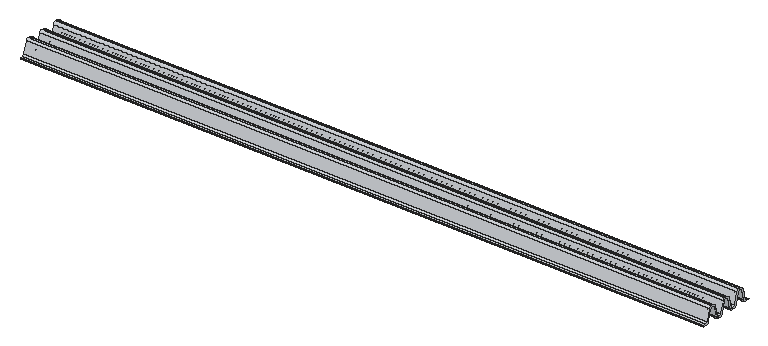
Revit family "TataSteel_Lintels_CN102", category Generic Models, host Wall, Revit 2015
Parameters (values of type "TataSteel_Lintel_CN102_1200")
  Youtube clip = "https://youtu.be/a3UsEv78pFc"
  Weight Net (Kg) = 0
  Uniclass 2015 Name = "Lintels"
  Uniclass 2015 Code = "Pr_20_85_48"
  Uniclass 2.0 Description = ""
  Uniclass 2.0 Code = ""
  Uniclass 1.4 Description = "Lintels"
  Uniclass 1.4 Code = "L3241"
  URL = "www.catnic.com"
  UNSPSC Code = "30101704"
  Type Comments = ""
  Technical description = "http://catnic.com/products/lintels"
  Region South America = "None"
  Region Oceania = "None"
  Region North America = "None"
  Region Middle East = "None"
  Region Europe = "AD, AL, AT, AX, BA, BE, BG, BY, CH, CY, CZ, DE, DK, EE, ES, FI, FO, FR, GB, GG, GI, GR, HR, HU, IE, IM, IS, IT, JE, LI, LT, LU, LV, MC, MD, ME, MK, MT, NL, NO, PL, PT, RO, RS, RU, SE, SI, SJ, SK, SM, UA, VA"
  Region Asia = "None"
  Region Antarctica = "None"
  Region Africa = "None"
  QR code = "http://bimobject.com/tata-steel/product/catnic-cn92-102"
  Product group = "Catnic"
  Product family = "Lintels"
  Product data url = ""
  Product certification = "http://catnic.com/products/lintels"
  Product SKU = "catnic-cn92-102"
  Product Guid = "262bdb60-6250-4774-b5ae-736d1b76a8b3"
  OmniClass Description = "Lintels"
  OmniClass Code = "23-13 21 25 11"
  Nominal width = 0
  Nominal height = 0
  NBS Reference Description = ""
  NBS Reference Code = ""
  Material secondary = ""
  Material main = "Steel"
  Manufacturer name = "Tata Steel"
  Manufacturer country = "United Kingdom"
  Manufacturer = "Catnic, TATA"
  LintelWidth = 98 mm  # constant formula
  r1 = r + LintelThickness  # 5.2 mm
  r = 4 mm  # constant formula
  LintelHeight = 25 mm  # constant formula
  d = LintelWidth / 2  # 49 mm
  c = 20 mm  # constant formula
  b2 = WallThickness / 2  # 50 mm
  b1 = WallThickness / 2  # 50 mm
  b = c / 2  # 10 mm
  a = c / 4  # 5 mm
  Weight = 1.8 mm
  WarrantyStartDate = "1900-12-31T23:59:59"
  WarrantyGuarantorParts = "n/a"
  WarrantyGuarantorLabor = "n/a"
  WarrantyDurationUnit = "n/a"
  WarrantyDurationParts = "n/a"
  WarrantyDurationLabor = "n/a"
  WarrantyDescription = "n/a"
  Version = ""
  Uniclass2015 = "Pr_20_85_48_11"
  Type Image = (empty or 0)
  LintelThickness = 1.2 mm  # constant formula
  ThermalTransmittance = 0 mm
  TagNumber = "n/a"
  TSE_Version = ""
  TSE_TechnicalContact = "catnic.technical@tatasteel.com"
  TSE_SalesContact = "catnic.sales@tatasteel.com"
  TSE_Revision = ""
  TSE_QR code = 0
  TSE_ProductGuid = ""
  TSE_ProductCertification = "www.catnic.com"
  TSE_Model = "TataSteel_Lintel_CN102_1200"
  TSE_ManufacturerURL = "www.catnic.com"
  TSE_InstallationInstructions = "www.catnic.com"
  TSE_EAN_code = ""
  TSE_Documentation = "www.catnic.com"
  TSE_Description = ""
  TSE_Classification = ""
  TSE_BIMObjectSource = ""
  TSE_BIMObjectName = "TataSteel_Lintel_CN102_1200"
  SustainabilityPerformance = "n/a"
  Steel = Steel
  Status = "n/a"
  Standard = ""
  Span = 1050 mm
  Slope = 0 mm
  Sizes = ""
  Size = "25H x98W x1200L"
  Shape = "Corrugated"
  SerialNumber = "n/a"
  SafeWorkingLoad = 7 mm
  Roll = 0 mm
  Revision = ""
  ReplacementCost = "n/a"
  Reference = ""
  ProductInformation = "www.catnic.com"
  NominalLength = 1200 mm
  Name = "Lintel"
  NBSTypeID = "n/a"
  NBSReference = "F30 755"
  NBSDescription = "Pre fabricated Steel Lintel"
  ModelReference = "Internal Walls"
  ModelNumber = "CN102"
  Model = "TataSteel_Lintel_CN102_1200"
  MinLintelLength = "1050"
  MaxLintelLength = "1200"
  MaterialFinishAndCoatingReference = ""
  ManufacturerURL = "www.catnic.com"
  LoadCategory = "EXTRA LIGHT DUTY"
  LoadBearing = yes
  LintelType = "SOLID INTERNAL"
  WallThickness = 100 mm
  LintelLength = 1200 mm
  LengthIncrement = "150mm up to 3000mm. \r\n300mm above 3000mm"
  Keynote = ""
  IsExternal = no
  InstallationDate = "1900-12-31T23:59:59"
  Installation instructions = "http://catnic.com/products/lintels"
  IfcExportType = "LINTEL"
  IfcExportAs = "IfcBeamType"
  IFC Classification = "Structural Member"
  Grade = "DX51"
  FireRating = "60"
  Finish = "Galv and Powder coated"
  Features = "n/a"
  ExpectedLife = "60 yrs"
  EndBearing = 75 mm
  Edition number = 1
  EAN code = ""
  DurationUnit = ""
  Design country = ""
  Description = "Extra light duty internal wall lintel"
  Date of publishing = ""
  CreatedOn = ""
  CreatedBy = ""
  Constituents = ""
  Color = "Black"
  CodePerformance = "n/a"
  ClearSpan = 1050 mm
  CharacteristicThermalConductivity = 0 mm
  CharacteristicResistanceToFire = 60 mm
  CharacteristicDeflectionUnderLoad = 0 mm
  Category = "n/a"
  COBIe Type Category = ""
  BarCode = "n/a"
  BIMobject category = "Beams & Lintels"
  BIMObjectName = "TataSteel_Lintel_CN102_1200"
  Author = "TATA"
  AssetType = "FIXED"
  AssetIdentifier = "n/a"
  Assembly Code = ""
  AllowableLoadLimiting = 7 mm
  AccessibilityPerformance = "n/a"
Types (2, lengths in mm): name | TSE_Model | TSE_BIMObjectName | Span | Size | NominalLength | Model | LintelLength | ClearSpan | BIMObjectName
  TataSteel_Lintel_CN102_1050 | "TataSteel_Lintel_CN102_1050" | "TataSteel_Lintel_CN102_1050" | 900 | "25H x98W x1050L" | 1050 | "TataSteel_Lintel_CN102_1050" | 1050 | 900 | "TataSteel_Lintel_CN102_1050"
  TataSteel_Lintel_CN102_1200 | "TataSteel_Lintel_CN102_1200" | "TataSteel_Lintel_CN102_1200" | 1050 | "25H x98W x1200L" | 1200 | "TataSteel_Lintel_CN102_1200" | 1200 | 1050 | "TataSteel_Lintel_CN102_1200"
Reference planes
  plane 1 "Wall": y = 0
  plane 2 "Center (Left/Right)": x = 125
  plane 3 "Back": y = 150
  plane 4 "U/S Brickwork": z = 1896.358
  plane 5 "Outside wall face": y = 50
  plane 6 "Inside wall face": y = -50
  plane 7: x = 650
  plane 8: x = -400
  plane 9: x = 725
  plane 10: x = -475
  plane 11: z = 1871.358
  plane 12: z = 1872.558
  plane 13: z = 1895.158
Forms (mm)
  Extrusion 1, solid
    sketch origin (125, 0, 0) x (0, 1, 0) y (0, 0, 1)
      loop
        line (-48.979, 1872.558) -> (-48.979, 1871.358) -> (-43.251, 1871.358)
        arc (-43.251, 1871.358) -> (-40.689, 1872.24) -> (-39.213, 1874.512) r 4.161
        line (-39.213, 1874.512) -> (-34.631, 1892.878)
        arc (-34.631, 1892.878) -> (-33.565, 1894.52) -> (-31.713, 1895.158) r 3.007
        line (-31.713, 1895.158) -> (-28.275, 1895.158)
        arc (-28.275, 1895.158) -> (-26.433, 1894.524) -> (-25.372, 1892.89) r 2.992
        line (-25.372, 1892.89) -> (-20.789, 1874.519)
        arc (-20.789, 1874.519) -> (-19.31, 1872.242) -> (-16.742, 1871.358) r 4.171
        line (-16.742, 1871.358) -> (-13.248, 1871.358)
        arc (-13.248, 1871.358) -> (-10.689, 1872.239) -> (-9.214, 1874.509) r 4.158
        line (-9.214, 1874.509) -> (-4.638, 1892.852)
        arc (-4.638, 1892.852) -> (-3.559, 1894.513) -> (-1.687, 1895.158) r 3.042
        line (-1.687, 1895.158) -> (1.727, 1895.158)
        arc (1.727, 1895.158) -> (3.567, 1894.524) -> (4.628, 1892.892) r 2.99
        line (4.628, 1892.892) -> (9.202, 1874.554)
        arc (9.202, 1874.554) -> (10.698, 1872.251) -> (13.294, 1871.358) r 4.217
        line (13.294, 1871.358) -> (16.745, 1871.358)
        arc (16.745, 1871.358) -> (19.31, 1872.241) -> (20.788, 1874.516) r 4.167
        line (20.788, 1874.516) -> (25.379, 1892.92)
        arc (25.379, 1892.92) -> (26.426, 1894.532) -> (28.244, 1895.158) r 2.953
        line (28.244, 1895.158) -> (31.691, 1895.158)
        arc (31.691, 1895.158) -> (33.56, 1894.514) -> (34.636, 1892.857) r 3.035
        line (34.636, 1892.857) -> (39.202, 1874.557)
        arc (39.202, 1874.557) -> (40.699, 1872.252) -> (43.297, 1871.358) r 4.221
        line (43.297, 1871.358) -> (48.93, 1871.358) -> (48.93, 1872.558) -> (43.293, 1872.558)
        arc (43.293, 1872.558) -> (41.436, 1873.197) -> (40.367, 1874.843) r 3.015
        line (40.367, 1874.843) -> (35.796, 1893.168)
        arc (35.796, 1893.168) -> (34.303, 1895.466) -> (31.712, 1896.358) r 4.208
        line (31.712, 1896.358) -> (28.268, 1896.358)
        arc (28.268, 1896.358) -> (25.693, 1895.471) -> (24.209, 1893.186) r 4.184
        line (24.209, 1893.186) -> (19.627, 1874.82)
        arc (19.627, 1874.82) -> (18.568, 1873.19) -> (16.731, 1872.558) r 2.985
        line (16.731, 1872.558) -> (13.258, 1872.558)
        arc (13.258, 1872.558) -> (11.429, 1873.187) -> (10.376, 1874.809) r 2.971
        line (10.376, 1874.809) -> (5.797, 1893.161)
        arc (5.797, 1893.161) -> (4.301, 1895.464) -> (1.705, 1896.358) r 4.218
        line (1.705, 1896.358) -> (-1.699, 1896.358)
        arc (-1.699, 1896.358) -> (-4.301, 1895.462) -> (-5.799, 1893.155) r 4.226
        line (-5.799, 1893.155) -> (-10.371, 1874.83)
        arc (-10.371, 1874.83) -> (-11.434, 1873.193) -> (-13.28, 1872.558) r 2.998
        line (-13.28, 1872.558) -> (-16.72, 1872.558)
        arc (-16.72, 1872.558) -> (-18.566, 1873.193) -> (-19.63, 1874.831) r 2.999
        line (-19.63, 1874.831) -> (-24.212, 1893.2)
        arc (-24.212, 1893.2) -> (-25.69, 1895.475) -> (-28.255, 1896.358) r 4.166
        line (-28.255, 1896.358) -> (-31.75, 1896.358)
        arc (-31.75, 1896.358) -> (-34.311, 1895.476) -> (-35.787, 1893.204) r 4.16
        line (-35.787, 1893.204) -> (-40.364, 1874.856)
        arc (-40.364, 1874.856) -> (-41.44, 1873.2) -> (-43.306, 1872.558) r 3.032
        line (-43.306, 1872.558) -> (-48.979, 1872.558)
    from -600 to 600
Lines and regions (mm)
  reference lines
    curve 1: line (125, -11.237, 1871.358) -> (125, -5, 1896.358)
    curve 2: line (125, -10, 1871.358) -> (125, -3.763, 1896.358)
    curve 3: line (125, 3.763, 1896.358) -> (125, 10, 1871.358)
    curve 4: line (125, 5, 1896.358) -> (125, 11.237, 1871.358)
    curve 5: line (125, -980.798, 1731.418) -> (125, -974.579, 1696.418)
    curve 6: line (125, 988.36, 2071.298) -> (125, 994.579, 2036.298)
    curve 7: line (125, -41.237, 1871.358) -> (125, -35, 1896.358)
    curve 8: line (125, -40, 1871.358) -> (125, -33.763, 1896.358)
    curve 9: line (125, -26.237, 1896.358) -> (125, -20, 1871.358)
    curve 10: line (125, -25, 1896.358) -> (125, -18.763, 1871.358)
    curve 11: line (125, 18.763, 1871.358) -> (125, 25, 1896.358)
    curve 12: line (125, 20, 1871.358) -> (125, 26.237, 1896.358)
    curve 13: line (125, 33.763, 1896.358) -> (125, 40, 1871.358)
    curve 14: line (125, 35, 1896.358) -> (125, 41.237, 1871.358)
Text (mm)
  text "Placement Side" at (-1848.837, 1116.779, 0), in view "Ref. Level"
  text "Placement side" at (0, 1409.804, 2854.306), in view "Left"
  text "Placement side" at (0, 499.811, 2980.732), in view "Right"
Dimensions and locks
  locked: plane 3 "Back" to host wall
  "b1": plane 5 "Outside wall face" to host wall
  "b2": host wall to plane 6 "Inside wall face"
  equal spacing: plane 7, plane 2 "Center (Left/Right)", plane 8
  "EndBearing": plane 9 to plane 7
  "EndBearing": plane 8 to plane 10
  "LintelLength": plane 9 to plane 10
  "LintelHeight": plane 4 "U/S Brickwork" to plane 11
  "LintelThickness": plane 4 "U/S Brickwork" to plane 13
  "LintelThickness": plane 12 to plane 11
  "b": curve 2 to host wall
  "LintelThickness": curve 2 to curve 1
  "a": curve 1 to host wall
  "a": host wall to curve 4
  "b": host wall to curve 3
  "LintelThickness": curve 3 to curve 4
  "LintelThickness": curve 12 to curve 11
  "LintelThickness": curve 13 to curve 14
  "b": curve 11 to curve 14
  "c": curve 12 to curve 13
  "b": curve 3 to curve 12
  "LintelThickness": curve 8 to curve 7
  "LintelThickness": curve 9 to curve 10
  "b": curve 7 to curve 10
  "c": curve 8 to curve 9
  "b": curve 9 to curve 2
  "c": curve 10 to curve 1
  "c": curve 4 to curve 11
  Extrusion 1 to curve 8 = 8.979 mm
  curve 13 to Extrusion 1 = 8.93 mm
  Extrusion 1 to plane 4 "U/S Brickwork" = 23.8 mm
  aligned and locked: plane 1 "Wall" to host wall
  aligned and locked: plane 4 "U/S Brickwork" to curve 2
  aligned and locked: plane 11 to curve 2
  aligned and locked: plane 11 to curve 1
  aligned and locked: plane 4 "U/S Brickwork" to curve 1
  aligned and locked: plane 4 "U/S Brickwork" to curve 3
  aligned and locked: plane 11 to curve 3
  aligned and locked: plane 4 "U/S Brickwork" to curve 4
  aligned and locked: plane 11 to curve 4
  aligned and locked: plane 11 to curve 11
  aligned and locked: plane 11 to curve 12
  aligned and locked: plane 4 "U/S Brickwork" to curve 11
  aligned and locked: plane 4 "U/S Brickwork" to curve 12
  aligned and locked: plane 4 "U/S Brickwork" to curve 13
  aligned and locked: plane 4 "U/S Brickwork" to curve 14
  aligned and locked: plane 11 to curve 14
  aligned and locked: plane 11 to curve 13
  aligned and locked: plane 4 "U/S Brickwork" to curve 10
  aligned and locked: plane 4 "U/S Brickwork" to curve 9
  aligned and locked: plane 4 "U/S Brickwork" to curve 8
  aligned and locked: plane 4 "U/S Brickwork" to curve 7
  aligned and locked: plane 11 to curve 10
  aligned and locked: plane 11 to curve 9
  aligned and locked: plane 11 to curve 8
  aligned and locked: plane 11 to curve 7
  aligned and locked: Extrusion 1 to curve 7
  aligned and locked: curve 8 to Extrusion 1
  aligned and locked: curve 9 to Extrusion 1
  aligned and locked: Extrusion 1 to curve 10
  aligned and locked: Extrusion 1 to curve 1
  aligned and locked: curve 2 to Extrusion 1
  aligned and locked: curve 3 to Extrusion 1
  aligned and locked: Extrusion 1 to curve 4
  aligned and locked: Extrusion 1 to curve 11
  aligned and locked: curve 12 to Extrusion 1
  aligned and locked: curve 13 to Extrusion 1
  aligned and locked: Extrusion 1 to curve 14
  aligned and locked: Extrusion 1 to plane 10
  aligned and locked: plane 9 to Extrusion 1
Automatic sketch dimensions
  Extrusion 1 sketch curve to plane 11 = 0 mm  (x4)
  Extrusion 1 sketch curve to plane 12 = 0 mm  (x4)
  Extrusion 1 sketch curve to plane 4 "U/S Brickwork" = 0 mm  (x3)
  Extrusion 1 sketch curve to plane 13 = 0 mm  (x3)
  plane 6 "Inside wall face" to Extrusion 1 sketch curve = 1.021 mm
  plane 12 to Extrusion 1 sketch curve = 3.032 mm
  Extrusion 1 sketch curve to Extrusion 1 sketch curve = 5.673 mm
  Extrusion 1 sketch curve to Extrusion 1 sketch curve = 0.055 mm
  plane 12 to Extrusion 1 sketch curve = 2.298 mm
  plane 12 to Extrusion 1 sketch curve = 1.954 mm
  Extrusion 1 sketch curve to Extrusion 1 sketch curve = 1.151 mm
  Extrusion 1 sketch curve to plane 13 = 1.953 mm
  Extrusion 1 sketch curve to Extrusion 1 sketch curve = 4.577 mm
  Extrusion 1 sketch curve to plane 13 = 2.279 mm
  Extrusion 1 sketch curve to Extrusion 1 sketch curve = 1.155 mm
  Extrusion 1 sketch curve to plane 13 = 2.96 mm
  Extrusion 1 sketch curve to Extrusion 1 sketch curve = 0.037 mm
  Extrusion 1 sketch curve to Extrusion 1 sketch curve = 3.439 mm
  Extrusion 1 sketch curve to Extrusion 1 sketch curve = 0.02 mm
  Extrusion 1 sketch curve to plane 13 = 2.268 mm
  Extrusion 1 sketch curve to Extrusion 1 sketch curve = 2.883 mm
  Extrusion 1 sketch curve to plane 13 = 1.958 mm
  Extrusion 1 sketch curve to Extrusion 1 sketch curve = 1.159 mm  (x3)
  plane 12 to Extrusion 1 sketch curve = 1.962 mm
  Extrusion 1 sketch curve to Extrusion 1 sketch curve = 18.424 mm
  plane 12 to Extrusion 1 sketch curve = 2.273 mm  (x2)
  plane 12 to Extrusion 1 sketch curve = 2.971 mm
  Extrusion 1 sketch curve to Extrusion 1 sketch curve = 0.022 mm  (x2)
  Extrusion 1 sketch curve to Extrusion 1 sketch curve = 3.44 mm
  Extrusion 1 sketch curve to Extrusion 1 sketch curve = 0.031 mm
  Extrusion 1 sketch curve to Extrusion 1 sketch curve = 2.878 mm
  plane 12 to Extrusion 1 sketch curve = 1.952 mm
  Extrusion 1 sketch curve to Extrusion 1 sketch curve = 1.157 mm
  Extrusion 1 sketch curve to plane 13 = 2.003 mm
  host wall to Extrusion 1 sketch curve = 5.799 mm
  Extrusion 1 sketch curve to plane 13 = 2.305 mm
  Extrusion 1 sketch curve to Extrusion 1 sketch curve = 1.161 mm  (x2)
  host wall to Extrusion 1 sketch curve = 1.699 mm
  Extrusion 1 sketch curve to Extrusion 1 sketch curve = 0.012 mm
  Extrusion 1 sketch curve to plane 1 "Wall" = 1.705 mm
  Extrusion 1 sketch curve to plane 13 = 2.266 mm
  Extrusion 1 sketch curve to Extrusion 1 sketch curve = 2.901 mm
  Extrusion 1 sketch curve to plane 13 = 1.997 mm
  Extrusion 1 sketch curve to Extrusion 1 sketch curve = 1.17 mm  (x2)
  plane 12 to Extrusion 1 sketch curve = 1.996 mm
  Extrusion 1 sketch curve to plane 1 "Wall" = 9.202 mm
  plane 12 to Extrusion 1 sketch curve = 2.252 mm
  Extrusion 1 sketch curve to Extrusion 1 sketch curve = 1.173 mm
  Extrusion 1 sketch curve to Extrusion 1 sketch curve = 2.882 mm  (x2)
  Extrusion 1 sketch curve to Extrusion 1 sketch curve = 0.036 mm
  Extrusion 1 sketch curve to Extrusion 1 sketch curve = 3.437 mm
  Extrusion 1 sketch curve to Extrusion 1 sketch curve = 0.014 mm
  plane 12 to Extrusion 1 sketch curve = 2.262 mm
  plane 12 to Extrusion 1 sketch curve = 1.958 mm
  Extrusion 1 sketch curve to plane 13 = 1.971 mm
  Extrusion 1 sketch curve to Extrusion 1 sketch curve = 18.411 mm
  Extrusion 1 sketch curve to plane 13 = 2.238 mm
  Extrusion 1 sketch curve to Extrusion 1 sketch curve = 2.865 mm
  Extrusion 1 sketch curve to Extrusion 1 sketch curve = 0.024 mm
  Extrusion 1 sketch curve to Extrusion 1 sketch curve = 3.423 mm
  Extrusion 1 sketch curve to Extrusion 1 sketch curve = 0.021 mm
  Extrusion 1 sketch curve to plane 13 = 2.301 mm
  Extrusion 1 sketch curve to Extrusion 1 sketch curve = 2.924 mm
  Extrusion 1 sketch curve to plane 13 = 1.99 mm
  plane 12 to Extrusion 1 sketch curve = 1.999 mm
  Extrusion 1 sketch curve to Extrusion 1 sketch curve = 18.414 mm
  plane 12 to Extrusion 1 sketch curve = 2.285 mm
  Extrusion 1 sketch curve to Extrusion 1 sketch curve = 1.165 mm
  Extrusion 1 sketch curve to Extrusion 1 sketch curve = 2.925 mm
  Extrusion 1 sketch curve to Extrusion 1 sketch curve = 0.005 mm
  Extrusion 1 sketch curve to Extrusion 1 sketch curve = 5.633 mm
  curve 5 to plane 11 = 174.94 mm
  host wall to curve 5 = 824.579 mm
  curve 5 to plane 11 = 139.94 mm
  curve 5 to curve 5 = 6.219 mm
  plane 4 "U/S Brickwork" to curve 6 = 174.94 mm
  host wall to curve 6 = 838.36 mm
  plane 4 "U/S Brickwork" to curve 6 = 139.94 mm
  curve 6 to curve 6 = 6.219 mm
